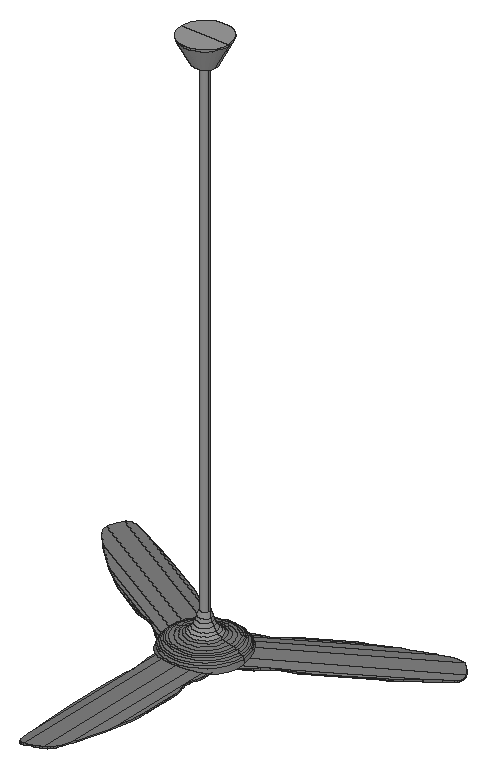
Revit family "Haiku-L Series-52-X3-64", category Generic Models, Revit 2015
Reference planes (in)
  plane 1 "Center (Front/Back)": y = 0
  plane 2: z = 0
  plane 3 "Center (Left/Right)": x = 0
  plane 4: y = -36
Forms (in)
  Revolve 1, solid, not visible
    sketch origin (0, 0, 0) x (1, 0, 0) y (0, 0, 1)
      loop
        line (-0.57203, -5.94949) -> (-0.75989, -6.52766) -> (-0.88726, -6.91966) -> (-1.09857, -7.37282) -> (-1.34682, -7.7701) -> (-1.63576, -8.05904) -> (-1.90663, -8.32991) -> (-2.18875, -8.4928) -> (-2.59757, -8.64159) -> (-3.07449, -8.7517) -> (-3.52877, -8.84) -> (-3.81921, -8.90706) -> (-4.02857, -9.00468) -> (-4.28105, -9.18147) -> (-4.45783, -9.35825) -> (-4.65491, -9.55533) -> (-4.77991, -9.77183) -> (-4.97057, -10.32555) -> (-4.54315, -10.47272) -> (-4.14061, -10.58058) -> (-3.65933, -10.70954) -> (-2.92572, -10.86547) -> (-2.89912, -11.01633) -> (-2.61183, -11.0774) -> (-2.50917, -11.13667) -> (-1.72883, -11.22681) -> (-0.96291, -11.28268) -> (0, -11.32358) -> (0, -5.94949) -> (-0.57203, -5.94949)
      axis (0, -5.94949) -> (0, -11.32358)
    angle from 0 to 360
  Revolve 2, solid
    sketch origin (0, 0, -0.00064) x (1, 0, 0) y (0, 0, 1)
      loop
        line (-0.57203, -5.94949) -> (-0.75989, -6.52766) -> (-0.88726, -6.91966) -> (-1.09857, -7.37282) -> (-1.34682, -7.7701) -> (-1.63576, -8.05904) -> (-1.90663, -8.32991) -> (-2.18875, -8.4928) -> (-2.59757, -8.64159) -> (-3.07449, -8.7517) -> (-3.52877, -8.84) -> (-3.81921, -8.90706) -> (-4.02857, -9.00468) -> (-4.28105, -9.18147) -> (-4.45783, -9.35825) -> (-4.65491, -9.55533) -> (-4.77991, -9.77183) -> (-4.97057, -10.32555) -> (-4.54315, -10.47272) -> (-4.14061, -10.58058) -> (-3.65933, -10.70954) -> (-2.92572, -10.86547) -> (-2.89912, -11.01633) -> (-2.61183, -11.0774) -> (-2.50917, -11.13667) -> (-1.72883, -11.22681) -> (-0.96291, -11.28268) -> (0, -11.32358) -> (0, -5.94949) -> (-0.57203, -5.94949)
      axis (0, -5.94949) -> (0, -11.32358)
    angle from 0 to 360
  Extrusion 3, solid, not visible
    sketch origin (0, 0, 0) x (1, 0, 0) y (0, 0, 1)
      loop
        line (-3.14313, -10.4738) -> (-2.57277, -10.29942) -> (-1.54643, -10.15518) -> (-0.66602, -10.07816) -> (0.13019, -10.05035) -> (0.90523, -10.07742) -> (1.78712, -10.13908) -> (3.26866, -10.37374) -> (3.42624, -10.37374) -> (3.49814, -10.3134) -> (3.51329, -10.21775) -> (3.29281, -10.21775) -> (2.91988, -10.17931) -> (1.81446, -10.00423) -> (0.33677, -9.9009) -> (-1.71612, -10.00849) -> (-2.89597, -10.21653) -> (-3.25765, -10.31344) -> (-3.2312, -10.41213) -> (-3.14313, -10.4738)
    from 3 to 27
  Extrusion 4, void, not visible
    sketch origin (0, 0, 0) x (1, 0, 0) y (0, 1, 0)
      loop
        line (-3.25765, -3.75424) -> (-5.34383, -3.75424) -> (-5.34383, -27.56158) -> (5.34383, -27.56158) -> (5.34383, -3.56158) -> (3.51329, -3.56158) -> (3.51329, -4.35631) -> (3.37547, -4.83694) -> (3.21389, -5.40046) -> (3.13102, -5.82677) -> (3.09053, -6.212) -> (3.06194, -6.35908) -> (3.06194, -6.66675) -> (3.06194, -6.91675) -> (3.08373, -7.1658) -> (3.15904, -7.55324) -> (3.21245, -7.82799) -> (3.3566, -8.29949) -> (3.452, -8.7903) -> (3.51329, -9.29809) -> (3.55805, -9.93819) -> (3.59933, -10.52843) -> (3.59933, -11.2215) -> (3.59933, -11.76216) -> (3.56875, -12.34556) -> (3.54016, -12.89106) -> (3.40107, -14.4809) -> (3.35163, -15.04602) -> (3.18135, -16.25759) -> (2.86027, -18.28485) -> (2.74178, -18.84226) -> (2.57614, -19.62158) -> (2.4274, -20.32133) -> (2.25919, -20.996) -> (2.1153, -21.57307) -> (1.89378, -22.34562) -> (1.60884, -23.22259) -> (1.40753, -23.84214) -> (1.25137, -24.24895) -> (1.14547, -24.52483) -> (1.01183, -24.75631) -> (0.84942, -24.98825) -> (0.60732, -25.23036) -> (0.23563, -25.46261) -> (-0.10698, -25.60103) -> (-0.5007, -25.71393) -> (-0.91265, -25.80149) -> (-1.4275, -25.87385) -> (-1.86243, -25.90426) -> (-2.04243, -25.88852) -> (-2.21139, -25.84324) -> (-2.39285, -25.71618) -> (-2.50563, -25.6034) -> (-2.64778, -25.37593) -> (-2.68285, -25.25361) -> (-2.71019, -24.86254) -> (-2.82384, -23.78125) -> (-2.96191, -21.80684) -> (-3.09101, -19.96061) -> (-3.25765, -16.83791) -> (-3.35502, -14.04942) -> (-3.35502, -11.98738) -> (-3.20873, -10.31528) -> (-3.05621, -8.57193) -> (-2.89597, -7.43175) -> (-2.89597, -6.80508) -> (-3.04367, -5.87253) -> (-3.18921, -5.1878) -> (-3.25765, -4.86584) -> (-3.25765, -3.75424)
    from -12 to -6
  Extrusion 5, solid
    sketch origin (0, 0, 0) x (-0.5, -0.866025, 0) y (0, 0, 1)
      loop
        line (-3.14313, -10.4738) -> (-2.57277, -10.29942) -> (-1.54643, -10.15518) -> (-0.66602, -10.07816) -> (0.13019, -10.05035) -> (0.90523, -10.07742) -> (1.78712, -10.13908) -> (3.26866, -10.37374) -> (3.42624, -10.37374) -> (3.49814, -10.3134) -> (3.51329, -10.21775) -> (3.29281, -10.21775) -> (2.91988, -10.17931) -> (1.81446, -10.00423) -> (0.33677, -9.9009) -> (-1.71612, -10.00849) -> (-2.89597, -10.21653) -> (-3.25765, -10.31344) -> (-3.2312, -10.41213) -> (-3.14313, -10.4738)
    from 3 to 27
  Extrusion 6, void
    sketch origin (0, 0, 0) x (-0.5, -0.866025, 0) y (0.866025, -0.5, 0)
      loop
        line (-3.25765, -3.75424) -> (-5.34383, -3.75424) -> (-5.34383, -27.56158) -> (5.34383, -27.56158) -> (5.34383, -3.56158) -> (3.51329, -3.56158) -> (3.51329, -4.35631) -> (3.37547, -4.83694) -> (3.21389, -5.40046) -> (3.13102, -5.82677) -> (3.09053, -6.212) -> (3.06194, -6.35908) -> (3.06194, -6.66675) -> (3.06194, -6.91675) -> (3.08373, -7.1658) -> (3.15904, -7.55324) -> (3.21245, -7.82799) -> (3.3566, -8.29949) -> (3.452, -8.7903) -> (3.51329, -9.29809) -> (3.55805, -9.93819) -> (3.59933, -10.52843) -> (3.59933, -11.2215) -> (3.59933, -11.76216) -> (3.56875, -12.34556) -> (3.54016, -12.89106) -> (3.40107, -14.4809) -> (3.35163, -15.04602) -> (3.18135, -16.25759) -> (2.86027, -18.28485) -> (2.74178, -18.84226) -> (2.57614, -19.62158) -> (2.4274, -20.32133) -> (2.25919, -20.996) -> (2.1153, -21.57307) -> (1.89378, -22.34562) -> (1.60884, -23.22259) -> (1.40753, -23.84214) -> (1.25137, -24.24895) -> (1.14547, -24.52483) -> (1.01183, -24.75631) -> (0.84942, -24.98825) -> (0.60732, -25.23036) -> (0.23563, -25.46261) -> (-0.10698, -25.60103) -> (-0.5007, -25.71393) -> (-0.91265, -25.80149) -> (-1.4275, -25.87385) -> (-1.86243, -25.90426) -> (-2.04243, -25.88852) -> (-2.21139, -25.84324) -> (-2.39285, -25.71618) -> (-2.50563, -25.6034) -> (-2.64778, -25.37593) -> (-2.68285, -25.25361) -> (-2.71019, -24.86254) -> (-2.82384, -23.78125) -> (-2.96191, -21.80684) -> (-3.09101, -19.96061) -> (-3.25765, -16.83791) -> (-3.35502, -14.04942) -> (-3.35502, -11.98738) -> (-3.20873, -10.31528) -> (-3.05621, -8.57193) -> (-2.89597, -7.43175) -> (-2.89597, -6.80508) -> (-3.04367, -5.87253) -> (-3.18921, -5.1878) -> (-3.25765, -4.86584) -> (-3.25765, -3.75424)
    from -12 to -6
  Extrusion 7, solid
    sketch origin (0, 0, 0) x (-0.5, 0.866025, 0) y (0, 0, 1)
      loop
        line (-3.14313, -10.4738) -> (-2.57277, -10.29942) -> (-1.54643, -10.15518) -> (-0.66602, -10.07816) -> (0.13019, -10.05035) -> (0.90523, -10.07742) -> (1.78712, -10.13908) -> (3.26866, -10.37374) -> (3.42624, -10.37374) -> (3.49814, -10.3134) -> (3.51329, -10.21775) -> (3.29281, -10.21775) -> (2.91988, -10.17931) -> (1.81446, -10.00423) -> (0.33677, -9.9009) -> (-1.71612, -10.00849) -> (-2.89597, -10.21653) -> (-3.25765, -10.31344) -> (-3.2312, -10.41213) -> (-3.14313, -10.4738)
    from 3 to 27
  Extrusion 8, void
    sketch origin (0, 0, 0) x (-0.5, 0.866025, 0) y (-0.866025, -0.5, 0)
      loop
        line (-3.25765, -3.75424) -> (-5.34383, -3.75424) -> (-5.34383, -27.56158) -> (5.34383, -27.56158) -> (5.34383, -3.56158) -> (3.51329, -3.56158) -> (3.51329, -4.35631) -> (3.37547, -4.83694) -> (3.21389, -5.40046) -> (3.13102, -5.82677) -> (3.09053, -6.212) -> (3.06194, -6.35908) -> (3.06194, -6.66675) -> (3.06194, -6.91675) -> (3.08373, -7.1658) -> (3.15904, -7.55324) -> (3.21245, -7.82799) -> (3.3566, -8.29949) -> (3.452, -8.7903) -> (3.51329, -9.29809) -> (3.55805, -9.93819) -> (3.59933, -10.52843) -> (3.59933, -11.2215) -> (3.59933, -11.76216) -> (3.56875, -12.34556) -> (3.54016, -12.89106) -> (3.40107, -14.4809) -> (3.35163, -15.04602) -> (3.18135, -16.25759) -> (2.86027, -18.28485) -> (2.74178, -18.84226) -> (2.57614, -19.62158) -> (2.4274, -20.32133) -> (2.25919, -20.996) -> (2.1153, -21.57307) -> (1.89378, -22.34562) -> (1.60884, -23.22259) -> (1.40753, -23.84214) -> (1.25137, -24.24895) -> (1.14547, -24.52483) -> (1.01183, -24.75631) -> (0.84942, -24.98825) -> (0.60732, -25.23036) -> (0.23563, -25.46261) -> (-0.10698, -25.60103) -> (-0.5007, -25.71393) -> (-0.91265, -25.80149) -> (-1.4275, -25.87385) -> (-1.86243, -25.90426) -> (-2.04243, -25.88852) -> (-2.21139, -25.84324) -> (-2.39285, -25.71618) -> (-2.50563, -25.6034) -> (-2.64778, -25.37593) -> (-2.68285, -25.25361) -> (-2.71019, -24.86254) -> (-2.82384, -23.78125) -> (-2.96191, -21.80684) -> (-3.09101, -19.96061) -> (-3.25765, -16.83791) -> (-3.35502, -14.04942) -> (-3.35502, -11.98738) -> (-3.20873, -10.31528) -> (-3.05621, -8.57193) -> (-2.89597, -7.43175) -> (-2.89597, -6.80508) -> (-3.04367, -5.87253) -> (-3.18921, -5.1878) -> (-3.25765, -4.86584) -> (-3.25765, -3.75424)
    from -12 to -6
  Revolve 9, solid
    sketch origin (0, 0, -35.97394) x (1, 0, 0) y (0, 0, 1)
      loop
        line (0, 93.99936) -> (-2.95276, 93.99936) -> (-2.91496, 93.78503) -> (-1.36379, 90.86771) -> (-1.22478, 90.78745) -> (-0.47478, 90.78745) -> (-0.47478, 30.02381) -> (0, 30.02381) -> (0, 93.99936)
      axis (0, 93.99936) -> (0, 30.02381)
    angle from 0 to 360
  Revolve 10, solid, not visible
    sketch origin (0, 0, 0) x (1, 0, 0) y (0, 0, 1)
      loop
        line (0, 93.99936) -> (-2.95276, 93.99936) -> (-2.91496, 93.78503) -> (-1.36379, 90.86771) -> (-1.22478, 90.78745) -> (-0.47478, 90.78745) -> (-0.47478, 30.02381) -> (0, 30.02381) -> (0, 93.99936)
      axis (0, 93.99936) -> (0, 30.02381)
    angle from 0 to 360
  Extrusion 11, solid
    sketch origin (0, 0, 0) x (1, 0, 0) y (0, 0, 1)
      loop
        line (-3.14313, -10.4738) -> (-2.57277, -10.29942) -> (-1.54643, -10.15518) -> (-0.66602, -10.07816) -> (0.13019, -10.05035) -> (0.90523, -10.07742) -> (1.78712, -10.13908) -> (3.26866, -10.37374) -> (3.42624, -10.37374) -> (3.49814, -10.3134) -> (3.51329, -10.21775) -> (3.29281, -10.21775) -> (2.91988, -10.17931) -> (1.81446, -10.00423) -> (0.33677, -9.9009) -> (-1.71612, -10.00849) -> (-2.89597, -10.21653) -> (-3.25765, -10.31344) -> (-3.2312, -10.41213) -> (-3.14313, -10.4738)
    from 3 to 27
  Extrusion 12, void
    sketch origin (0, 0, 0) x (1, 0, 0) y (0, 1, 0)
      loop
        line (-3.25765, -3.75424) -> (-5.34383, -3.75424) -> (-5.34383, -27.56158) -> (5.34383, -27.56158) -> (5.34383, -3.56158) -> (3.51329, -3.56158) -> (3.51329, -4.35631) -> (3.37547, -4.83694) -> (3.21389, -5.40046) -> (3.13102, -5.82677) -> (3.09053, -6.212) -> (3.06194, -6.35908) -> (3.06194, -6.66675) -> (3.06194, -6.91675) -> (3.08373, -7.1658) -> (3.15904, -7.55324) -> (3.21245, -7.82799) -> (3.3566, -8.29949) -> (3.452, -8.7903) -> (3.51329, -9.29809) -> (3.55805, -9.93819) -> (3.59933, -10.52843) -> (3.59933, -11.2215) -> (3.59933, -11.76216) -> (3.56875, -12.34556) -> (3.54016, -12.89106) -> (3.40107, -14.4809) -> (3.35163, -15.04602) -> (3.18135, -16.25759) -> (2.86027, -18.28485) -> (2.74178, -18.84226) -> (2.57614, -19.62158) -> (2.4274, -20.32133) -> (2.25919, -20.996) -> (2.1153, -21.57307) -> (1.89378, -22.34562) -> (1.60884, -23.22259) -> (1.40753, -23.84214) -> (1.25137, -24.24895) -> (1.14547, -24.52483) -> (1.01183, -24.75631) -> (0.84942, -24.98825) -> (0.60732, -25.23036) -> (0.23563, -25.46261) -> (-0.10698, -25.60103) -> (-0.5007, -25.71393) -> (-0.91265, -25.80149) -> (-1.4275, -25.87385) -> (-1.86243, -25.90426) -> (-2.04243, -25.88852) -> (-2.21139, -25.84324) -> (-2.39285, -25.71618) -> (-2.50563, -25.6034) -> (-2.64778, -25.37593) -> (-2.68285, -25.25361) -> (-2.71019, -24.86254) -> (-2.82384, -23.78125) -> (-2.96191, -21.80684) -> (-3.09101, -19.96061) -> (-3.25765, -16.83791) -> (-3.35502, -14.04942) -> (-3.35502, -11.98738) -> (-3.20873, -10.31528) -> (-3.05621, -8.57193) -> (-2.89597, -7.43175) -> (-2.89597, -6.80508) -> (-3.04367, -5.87253) -> (-3.18921, -5.1878) -> (-3.25765, -4.86584) -> (-3.25765, -3.75424)
    from -12 to -6
Cuts and joins
  Extrusion 6 cuts Extrusion 5
  Extrusion 8 cuts Extrusion 7
  Extrusion 12 cuts Extrusion 11
Lines and regions (in)
  model lines
    curve 1: line (-3.15339, 0, -10.46661) -> (-3.2312, 0, -10.41213)
    curve 2: line (-3.2312, 0, -10.41213) -> (-3.24647, 0, -10.32555)
    curve 3: line (-3.24647, 0, -10.32555) -> (-2.8816, 0, -10.214)
    curve 4: line (-2.8816, 0, -10.214) -> (-2.46526, 0, -10.14058)
    curve 5: line (-2.46526, 0, -10.14058) -> (-1.71612, 0, -10.00849)
    curve 6: line (-1.71612, 0, -10.00849) -> (-1.96454, 0, -10.03022)
    curve 7: line (-1.96454, 0, -10.03022) -> (0.34242, 0, -9.90932)
    curve 8: line (0.34242, 0, -9.90932) -> (0.44374, 0, -9.90932)
    curve 9: line (0.44374, 0, -9.90932) -> (1.15669, 0, -9.94669)
    curve 10: line (1.15669, 0, -9.94669) -> (1.91978, 0, -10.01345)
    curve 11: line (1.91978, 0, -10.01345) -> (2.92299, 0, -10.17234)
    curve 12: line (2.92299, 0, -10.17234) -> (3.29281, 0, -10.21775)
    curve 13: line (3.29281, 0, -10.21775) -> (3.51329, 0, -10.21775)
    curve 14: line (3.51329, 0, -10.21775) -> (3.49814, 0, -10.3134)
    curve 15: line (3.49814, 0, -10.3134) -> (3.42624, 0, -10.37374)
    curve 16: line (3.42624, 0, -10.37374) -> (3.26866, 0, -10.37374)
    curve 17: line (3.26866, 0, -10.37374) -> (3.03636, 0, -10.34521)
    curve 18: line (3.03636, 0, -10.34521) -> (1.81129, 0, -10.15118)
    curve 19: line (1.81129, 0, -10.15118) -> (0.91245, 0, -10.08833)
    curve 20: line (0.91245, 0, -10.08833) -> (0.11259, 0, -10.0604)
    curve 21: line (0.11259, 0, -10.0604) -> (-0.68284, 0, -10.08817)
    curve 22: line (-0.68284, 0, -10.08817) -> (-1.59592, 0, -10.16806)
    curve 23: line (-1.59592, 0, -10.16806) -> (-2.26749, 0, -10.26244)
    curve 24: line (-2.26749, 0, -10.26244) -> (-2.59726, 0, -10.30879)
    curve 25: line (-2.59726, 0, -10.30879) -> (-2.92016, 0, -10.39531)
    curve 26: line (-2.92016, 0, -10.39531) -> (-3.15339, 0, -10.46661)
Dimensions and locks (in)
  aligned and locked: plane 2 to level
